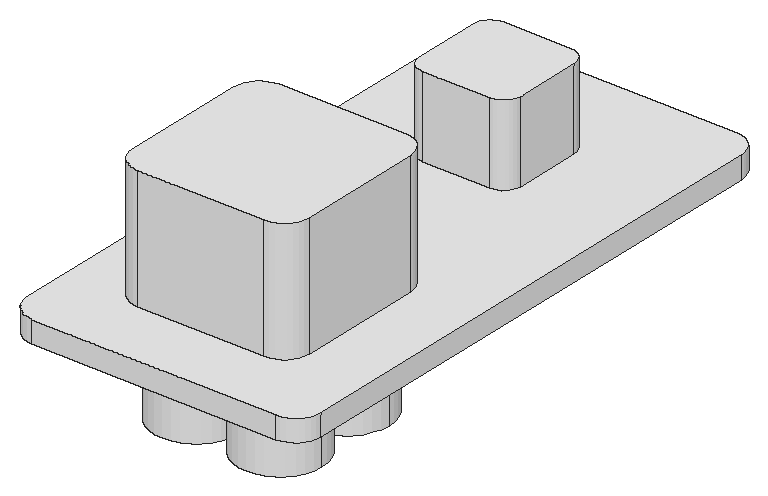
Revit family "Mixer-Bath Shower-Dorf Epic Bloc Progressive with Diverter1", category Plumbing Fixtures, host Face, Revit 2014
Parameters (values of type "Chrome")
  Width_ANZRS = 36.000 mm  # constant formula
  Waste Connection = no
  Vent Connection = no
  URL = "http://specify.caroma.com.au"
  Type Comments = "Dorf Epic Bloc Progressive Wall Mixer with Diverter - Chrome"
  ModifiedIssue_ANZRS = 20161103.01  # constant formula
  Model = "6560.04"
  Material_ANZRS = Metal-Chrome-Caroma
  Manufacturer = "GWA Bathrooms & Kitchens"  # constant formula
  Length_ANZRS = 70.000 mm  # constant formula
  Height_ANZRS = 137.000 mm  # constant formula
  Handle = Metal-Chrome-Caroma
  HWFU = 3
  HW Connection = yes
  Description = ""
  Default Elevation = 1000.000 mm
  CreatedBy_ANZRS = "Design Content"  # constant formula
  CreatedByURL_ANZRS = "http://www.designcontent.com.au"
  Cost = 0
  Connector Radius = 10.000 mm  # constant formula
  CWFU = 3
  CW Connection = yes
  Assembly Code = "D2020300"
Types (7, lengths in mm): name | Type Comments | Model | Material_ANZRS | Handle
  (no name) | "Dorf Epic Bloc Progressive Wall Mixer with Diverter - Chrome" | "6560.04" | Metal-Chrome-Caroma | Metal-Chrome-Caroma
  Chrome | "Dorf Epic Bloc Progressive Wall Mixer with Diverter - Chrome" | "6560.04" | Metal-Chrome-Caroma | Metal-Chrome-Caroma
  Black | "Dorf Epic Bloc Progressive Wall Mixer with Diverter - Black" | "6560.90" | Metal-Brass-Powdercoated-Matte Black | Metal-Brass-Powdercoated-Matte Black
  Chrome with Black Handle | "Dorf Epic Bloc Progressive Wall Mixer with Diverter - Chrome with Black Handle" | "6566.04" | Metal-Chrome-Caroma | Metal-Brass-Powdercoated-Matte Black
  Black with Copper Handle | "Dorf Epic Bloc Progressive Wall Mixer with Diverter - Black with Copper Handle" | "6563.04" | Metal-Brass-Powdercoated-Matte Black | Metal-Copper-Satin
  Black with Gold Handle | "Dorf Epic Bloc Progressive Wall Mixer with Diverter - Black with Gold Handle" | "6562.04" | Metal-Brass-Powdercoated-Matte Black | Metal-Gold-Fine
  Black with Rose Gold Handle | "Dorf Epic Bloc Progressive Wall Mixer with Diverter - Black with Rose Gold Handle" | "6561.04" | Metal-Brass-Powdercoated-Matte Black | Metal-Gold-Rose
Reference planes
  plane 1 "Center (Elevation)": y = 0
  plane 2 "Back": z = 0
  plane 3 "Center (Left/Right)": x = 0
  plane 4 "Top": y = 68.5
  plane 5 "Bottom": y = -68.5
  plane 6 "Right": x = 35
  plane 7 "Left": x = -35
  plane 8 "Front": z = 36
Forms (mm)
  Extrusion 1, solid, material "Metal-Chrome-Caroma" <- "Material_ANZRS"
    sketch origin (17.071, -36.429, 0) x (1, 0, 0) y (0, 1, 0)
      loop
        circle (-7.071, -7.071) r 10
    from -20 to 0
  Extrusion 2, solid, material "Metal-Chrome-Caroma" <- "Material_ANZRS"
    sketch origin (-17.071, -50.571, 0) x (-1, 0, 0) y (0, -1, 0)
      loop
        circle (-7.071, -7.071) r 10
    from -20 to 0
  Extrusion 3, solid, material "Metal-Chrome-Caroma" <- "Material_ANZRS"
    sketch origin (0, 0, 0) x (1, 0, 0) y (0, 1, 0)
      loop
        arc (-29, 68.5) -> (-33.243, 66.743) -> (-35, 62.5) r 6
        line (-35, 62.5) -> (-35, -62.5)
        arc (-35, -62.5) -> (-33.243, -66.743) -> (-29, -68.5) r 6
        line (-29, -68.5) -> (29, -68.5)
        arc (29, -68.5) -> (33.243, -66.743) -> (35, -62.5) r 6
        line (35, -62.5) -> (35, 62.5)
        arc (35, 62.5) -> (33.243, 66.743) -> (29, 68.5) r 6
        line (29, 68.5) -> (-29, 68.5)
    from 0 to 5.2
  Revolve 4, solid, material "Metal-Chrome-Caroma" <- "Material_ANZRS"
    sketch origin (0, -33.5, -124.8) x (0, 1, 0) y (0, 0, 1)
      loop
        line (0, 130) -> (18.7, 130)
        arc (18.7, 130) -> (12.848, 142.523) -> (0, 147.623) r 18.733
        line (0, 147.623) -> (0, 130)
      axis (0, 147.623) -> (0, 130)
    angle from 0 to 360
  Extrusion 5, solid, material "Metal-Chrome-Caroma" <- "Handle"
    sketch origin (0, -33.5, 0) x (1, 0, 0) y (0, 1, 0)
      loop
        line (-21, 15) -> (-21, -15)
        arc (-21, -15) -> (-19.243, -19.243) -> (-15, -21) r 6
        line (-15, -21) -> (15, -21)
        arc (15, -21) -> (19.243, -19.243) -> (21, -15) r 6
        line (21, -15) -> (21, 15)
        arc (21, 15) -> (19.243, 19.243) -> (15, 21) r 6
        line (15, 21) -> (-15, 21)
        arc (-15, 21) -> (-19.243, 19.243) -> (-21, 15) r 6
    from 6.7 to 35.7
  Extrusion 6, solid, material "Metal-Chrome-Caroma" <- "Material_ANZRS"
    sketch origin (17.071, -16.429, 0) x (1, 0, 0) y (0, 1, 0)
      loop
        circle (-7.071, -7.071) r 10
    from -20 to 0
  Extrusion 7, solid, material "Metal-Chrome-Caroma" <- "Handle"
    sketch origin (0, 0, 0) x (1, 0, 0) y (0, 1, 0)
      loop
        arc (-12, 25.5) -> (-10.828, 22.672) -> (-8, 21.5) r 4
        line (-8, 21.5) -> (8, 21.5)
        arc (8, 21.5) -> (10.828, 22.672) -> (12, 25.5) r 4
        line (12, 25.5) -> (12, 41.5)
        arc (12, 41.5) -> (10.828, 44.328) -> (8, 45.5) r 4
        line (8, 45.5) -> (-8, 45.5)
        arc (-8, 45.5) -> (-10.828, 44.328) -> (-12, 41.5) r 4
        line (-12, 41.5) -> (-12, 25.5)
    from 6.7 to 25.9
  Extrusion 8, solid, material "Metal-Chrome-Caroma" <- "Material_ANZRS"
    sketch origin (-2.929, -16.429, 0) x (1, 0, 0) y (0, 1, 0)
      loop
        circle (-7.071, -7.071) r 10
    from -20 to 0
Lines and regions (mm)
  Masking region 1
    outline origin (0, 0, 0) x (1, 0, 0) y (0, 1, 0)
      loop
        line (-35, 62.5) -> (-35, -62.5)
        arc (-35, -62.5) -> (-33.243, -66.743) -> (-29, -68.5) r 6
        line (-29, -68.5) -> (29, -68.5)
        arc (29, -68.5) -> (33.243, -66.743) -> (35, -62.5) r 6
        line (35, -62.5) -> (35, 62.5)
        arc (35, 62.5) -> (33.243, 66.743) -> (29, 68.5) r 6
        line (29, 68.5) -> (-29, 68.5)
        arc (-29, 68.5) -> (-33.243, 66.743) -> (-35, 62.5) r 6
  Masking region 2
    outline origin (0, 0, 0) x (0, 1, 0) y (0, 0, 1)
      loop
        line (68.5, 5.2) -> (43.5, 5.2) -> (43.5, 6.7) -> (45.5, 6.7) -> (45.5, 25.9) -> (21.5, 25.9) -> (21.5, 6.7) -> (23.5, 6.7) -> (23.5, 5.2) -> (-14.8, 5.2)
        arc (-14.8, 5.2) -> (-14.86, 5.952) -> (-14.95, 6.7) r 18.653
        line (-14.95, 6.7) -> (-12.5, 6.7) -> (-12.5, 35.7) -> (-54.5, 35.7) -> (-54.5, 6.7) -> (-52.05, 6.7)
        arc (-52.05, 6.7) -> (-52.14, 5.952) -> (-52.2, 5.2) r 18.653
        line (-52.2, 5.2) -> (-68.5, 5.2) -> (-68.5, 0) -> (68.5, 0) -> (68.5, 5.2)
  Masking region 3
    outline origin (0, 0, 0) x (1, 0, 0) y (0, 0, 1)
      loop
        line (-35, 0) -> (35, 0) -> (35, 5.2) -> (18.7, 5.2) -> (18.516, 6.7) -> (21, 6.7) -> (21, 35.7) -> (-21, 35.7) -> (-21, 6.7) -> (-18.516, 6.7) -> (-18.7, 5.2) -> (-35, 5.2) -> (-35, 0)
  symbolic lines, style "Taps/Mixers"
    curve 1: arc (-21, -48.5, 0) -> (-19.243, -52.743, 0) -> (-15, -54.5, 0) r 6
    curve 2: line (-15, -54.5, 0) -> (15, -54.5, 0)
    curve 3: arc (15, -54.5, 0) -> (19.243, -52.743, 0) -> (21, -48.5, 0) r 6
    curve 4: line (0, -14.95, 6.7) -> (0, -52.05, 6.7)
    curve 5: line (0, -14.8, 5.2) -> (0, -52.2, 5.2)
    curve 6: line (18.516, 0, 6.7) -> (-18.516, 0, 6.7)
    curve 7: line (18.7, 0, 5.2) -> (-18.7, 0, 5.2)
    curve 8: arc (-21, -18.5, 0) -> (-19.243, -14.257, 0) -> (-15, -12.5, 0) r 6
    curve 9: line (-15, -12.5, 0) -> (15, -12.5, 0)
    curve 10: arc (15, -12.5, 0) -> (19.243, -14.257, 0) -> (21, -18.5, 0) r 6
    curve 11: line (-21, -48.5, 0) -> (-21, -18.5, 0)
    curve 12: line (21, -48.5, 0) -> (21, -18.5, 0)
    curve 13: line (-12, 41.5, 0) -> (-12, 25.5, 0)
    curve 14: arc (-12, 25.5, 0) -> (-10.828, 22.672, 0) -> (-8, 21.5, 0) r 4
    curve 15: line (-8, 21.5, 0) -> (8, 21.5, 0)
    curve 16: arc (8, 21.5, 0) -> (10.828, 22.672, 0) -> (12, 25.5, 0) r 4
    curve 17: line (12, 25.5, 0) -> (12, 41.5, 0)
    curve 18: arc (12, 41.5, 0) -> (10.828, 44.328, 0) -> (8, 45.5, 0) r 4
    curve 19: line (8, 45.5, 0) -> (-8, 45.5, 0)
    curve 20: arc (-8, 45.5, 0) -> (-10.828, 44.328, 0) -> (-12, 41.5, 0) r 4
    curve 21: line (0, 43.5, 6.7) -> (0, 23.5, 6.7)
    curve 22: line (0, 43.5, 5.2) -> (0, 23.5, 5.2)
    curve 23: line (12, 0, 6.7) -> (12, 0, 25.9)
    curve 24: line (12, 0, 25.9) -> (-12, 0, 25.9)
    curve 25: line (-12, 0, 25.9) -> (-12, 0, 6.7)
    curve 26: line (10, 0, 6.7) -> (10, 0, 5.2)
    curve 27: line (-10, 0, 6.7) -> (-10, 0, 5.2)
Dimensions and locks
  aligned and locked: plane 2 "Back" to host face
  aligned and locked: level to host face
Connectors
  piping at (10, -43.5, -20), diameter 20, driven by "Connector Radius", driven by "CWFU"
    settings: on Extrusion 1, index 5, connector inside diameter 0.7874", connector length 0.000 mm, flow factor 0, pipe flow 0 GPM, pressure drop 0.00 psi, fitting loss kfactor 0, connector angle 0.00°, fixture units 3, engagement length 0.000 mm, angle of deflection 0.00°, flow configuration 3, flow direction 1, fitting loss method 101, system type 20, joint type 0, gender type 0, connector reference index -1, connector utility 0, adjustable connector no, is connector primary yes, connector description "Cold Inlet"
  piping at (-10, -43.5, -20), diameter 20, driven by "Connector Radius", driven by "HWFU"
    settings: on Extrusion 2, index 6, connector inside diameter 0.7874", connector length 0.000 mm, flow factor 0, pipe flow 0 GPM, pressure drop 0.00 psi, fitting loss kfactor 0, connector angle 0.00°, fixture units 3, engagement length 0.000 mm, angle of deflection 0.00°, flow configuration 3, flow direction 1, fitting loss method 101, system type 19, joint type 0, gender type 0, connector reference index -1, connector utility 0, adjustable connector no, is connector primary no, connector description "Hot Inlet"
  piping at (10, -23.5, -20), diameter 20, driven by "HWFU", driven by "Connector Radius"
    settings: on Extrusion 6, index 7, connector inside diameter 24", connector length 0.000 mm, flow factor 0, pipe flow 0 GPM, pressure drop 0.00 psi, fitting loss kfactor 0, connector angle 0.00°, fixture units 3, engagement length 0.000 mm, angle of deflection 0.00°, flow configuration 3, flow direction 2, fitting loss method 0, system type 19, joint type 0, gender type 0, connector reference index -1, connector utility 0, adjustable connector no, is connector primary no, connector description "Bath Outlet"
  piping at (-10, -23.5, -20), diameter 20, driven by "Connector Radius", driven by "HWFU"
    settings: on Extrusion 8, index 8, connector inside diameter 24", connector length 0.000 mm, flow factor 0, pipe flow 0 GPM, pressure drop 0.00 psi, fitting loss kfactor 0, connector angle 0.00°, fixture units 3, engagement length 0.000 mm, angle of deflection 0.00°, flow configuration 3, flow direction 2, fitting loss method 0, system type 19, joint type 0, gender type 0, connector reference index -1, connector utility 0, adjustable connector no, is connector primary no, connector description "Diverter Outlet"
